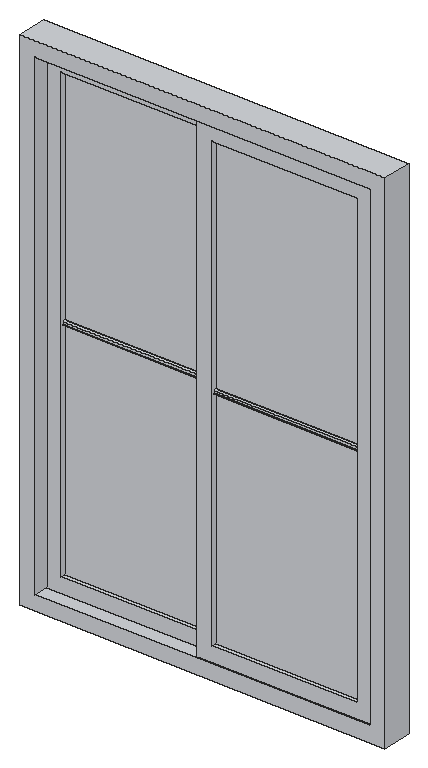
Revit family "雙開落地窗- (2)", category 窗, Revit 2014
Parameters (values of type "150 x 210 cm")
  Height = 2100 mm
  預設窗台高度 = 0 mm
  關鍵註記 = "雙開落地門-含護桿"
  解析營造 = "<無>"
  Rough Height = Height  # 2100 mm
  Rough Width = Width  # 1500 mm
  熱阻 (R) = 0.0000 (m²·K)/W
  Solar Heat Gain Coefficient = 0
  外框_寬度 = 60 mm
  玻璃_材料 = none
  牆封閉 = 依主體
  外框_材料 = none
  外框_厚度 = 120 mm
  Width = 1500 mm
  操作 = "DoublePanelVertical"
  Visual Light Transmittance = 0
  內框_材料 = none
  內框_寬度 = 60 mm
  內框_厚度 = 50 mm
  傳熱係數 (U) = 0.0000 W/(m²·K)
Types (2, lengths in mm): name | 解析營造 | Rough Width | 熱阻 (R) | Solar Heat Gain Coefficient | Width | Visual Light Transmittance | 傳熱係數 (U)
  150 x 210 cm | "<無>" | 1500 | 0.0000 (m²·K)/W | 0 | 1500 | 0 | 0.0000 W/(m²·K)
  180 x 210 cm | "1/8 英吋 Pilkington 單層鑲嵌玻璃" | 1800 | 0.1491 (m²·K)/W | 0.86 | 1800 | 0.9 | 6.7069 W/(m²·K)
Reference planes
  plane 1: y = -180
  plane 2 "中心 (左/右)": x = 0
  plane 3 "左": x = -750
  plane 4 "右": x = 750
  plane 5 "窗台": z = 0
  plane 6 "窗頂": z = 2100
  plane 7 "外部": y = -105
  plane 8 "內部": y = -255
  plane 9: x = -30
  plane 10: x = 30
  plane 11: y = -120
  plane 12: y = -240
  plane 13: x = -690
  plane 14: x = 690
  plane 15: z = 2040
  plane 16: z = 60
Forms (mm)
  Extrusion 1, solid, material <- "外框_材料"
    sketch origin (0, -180, 0) x (1, 0, 0) y (0, 0, 1)
      loop
        line (-750, 2100) -> (-750, 0) -> (750, 0) -> (750, 2100) -> (-750, 2100)
      loop
        line (-690, 2040) -> (-690, 60) -> (690, 60) -> (690, 2040) -> (-690, 2040)
    from 60 to -60
Lines and regions (mm)
  Opening 1
    outline origin (3442.648, -255, 0) x (1, 0, 0) y (0, 0, 1)
      loop
        line (-2692.648, 0) -> (-2692.648, 2100) -> (-4192.648, 2100) -> (-4192.648, 0) -> (-2692.648, 0)
Text (mm)
  text "外部" at (-1963.203, 1332.353, 0), in view "參考樓層"
  text "內部" at (-1981.466, -818.386, 0), in view "參考樓層"
  text "外部" at (0, 923.751, 2943.296), in view "右"
  text "外部" at (0, 1040.484, 2685.409), in view "左"
Dimensions and locks
  equal spacing: plane 3 "左", plane 2 "中心 (左/右)", plane 4 "右"
  "Width": plane 3 "左" to plane 4 "右"
  "Height": plane 5 "窗台" to plane 6 "窗頂"
  "預設窗台高度": plane 5 "窗台" to level
  locked: plane 7 "外部" to host wall at 0
  locked: plane 8 "內部" to host wall
  equal spacing: plane 9, plane 2 "中心 (左/右)", plane 10
  "內框_寬度": plane 9 to plane 10
  equal spacing: plane 11, plane 1, plane 12
  "外框_厚度": plane 11 to plane 12
  "外框_寬度": plane 6 "窗頂" to plane 15
  "外框_寬度": plane 16 to plane 5 "窗台"
  "外框_寬度": plane 3 "左" to plane 13
  "外框_寬度": plane 14 to plane 4 "右"
  aligned and locked: plane 1 to host wall
  aligned and locked: host wall to Extrusion 1 sketch curve
  aligned and locked: Extrusion 1 sketch curve to host wall  (x3)
  aligned and locked: Opening 1 sketch curve to plane 6 "窗頂"
  aligned and locked: Opening 1 sketch curve to plane 4 "右"
  aligned and locked: Opening 1 sketch curve to plane 5 "窗台"
  aligned and locked: Opening 1 sketch curve to plane 3 "左"
  aligned and locked: Extrusion 1 sketch curve to plane 15
  aligned and locked: plane 13 to Extrusion 1 sketch curve
  aligned and locked: Extrusion 1 sketch curve to plane 14
  aligned and locked: plane 16 to Extrusion 1 sketch curve
  aligned and locked: plane 15 to nested 2
  aligned and locked: nested 1 to plane 15
  aligned and locked: plane 11 to Extrusion 1
  aligned and locked: Extrusion 1 to plane 12
  aligned and locked: plane 14 to nested 2
  aligned and locked: plane 9 to nested 2
  aligned and locked: nested 1 to plane 10
  aligned and locked: nested 1 to plane 13
  aligned and locked: plane 1 to nested 1
  aligned and locked: plane 1 to nested 2
  aligned and locked: nested 1 to plane 16
  aligned and locked: plane 16 to nested 2
Nested families
  nested 1: "窗框-一" at (-597.428, -1289.367, -940), type "窗框"
    with Height 1980 mm, Width 720 mm
  nested 2: "窗框-一" at (62.572, 929.367, -940), type "窗框"
    with Height 1980 mm, Width 720 mm
Definition of nested family "窗框-一"
  Parameters
    Height [instance] = 500 mm
    護桿_寬度 = 20 mm
    護桿_厚度 = 10 mm
    Rough Height = 500 mm
    Rough Width = 600 mm
    Width [instance] = 600 mm
    外框_材料 = none
    玻璃_材料 = none
    玻璃_厚度 = 10 mm
    外框_寬度 = 60 mm
    外框_厚度 = 50 mm
  Reference planes
    plane 1 "中心 (前/後)": y = -1109.367
    plane 2: z = 0
    plane 3 "中心 (左/右)": x = 267.428
    plane 4 "玻璃-上": y = -1129.367
    plane 5 "玻璃-下": y = -1139.367
    plane 6: y = -1159.367
    plane 7: y = -1134.367
    plane 8: x = -32.572
    plane 9: x = 567.428
    plane 10: x = 27.428
    plane 11: x = 507.428
    plane 12: z = 1440
    plane 13: z = 1500
    plane 14: z = 1060
    plane 15: z = 1000
  Forms (mm)
    Extrusion 1, solid, material <- "玻璃_材料"
      sketch origin (3375.016, -1134.367, 1200) x (1, 0, 0) y (0, 0, 1)
        loop
          line (-3347.588, 240) -> (-3347.588, -140) -> (-2867.588, -140) -> (-2867.588, 240) -> (-3347.588, 240)
      from -5 to 5
    Extrusion 2, solid
      sketch origin (3375.016, -1134.367, 1200) x (1, 0, 0) y (0, 0, 1)
        loop
          line (-3407.588, 300) -> (-3407.588, -200) -> (-2807.588, -200) -> (-2807.588, 300) -> (-3407.588, 300)
        loop
          line (-3347.588, 240) -> (-3347.588, -140) -> (-2867.588, -140) -> (-2867.588, 240) -> (-3347.588, 240)
      from -25 to 25
  Dimensions and locks
    equal spacing: plane 11, plane 3 "中心 (左/右)", plane 10
    "外框_寬度": plane 9 to plane 11
    "外框_寬度": plane 10 to plane 8
    "Width": plane 9 to plane 8
    "外框_寬度": plane 13 to plane 12
    "外框_寬度": plane 14 to plane 15
    "Height": plane 13 to plane 15
    locked: plane 15 to level at 1000
    equal spacing: plane 4 "玻璃-上", plane 7, plane 5 "玻璃-下"
    equal spacing: plane 1 "中心 (前/後)", plane 7, plane 6
    "玻璃_厚度": plane 4 "玻璃-上" to plane 5 "玻璃-下"
    "外框_厚度": plane 1 "中心 (前/後)" to plane 6
    aligned and locked: Extrusion 1 sketch curve to plane 12
    aligned and locked: plane 10 to Extrusion 1 sketch curve
    aligned and locked: Extrusion 1 sketch curve to plane 11
    aligned and locked: plane 14 to Extrusion 1 sketch curve
    aligned and locked: nested 2 to plane 5 "玻璃-下"
    aligned and locked: nested 1 to plane 4 "玻璃-上"
    aligned and locked: plane 11 to nested 2
    aligned and locked: nested 1 to plane 11
    aligned and locked: plane 10 to nested 2
    aligned and locked: nested 1 to plane 10
    aligned and locked: plane 14 to nested 2
    aligned and locked: nested 1 to plane 14
    aligned and locked: plane 12 to nested 2
    aligned and locked: nested 1 to plane 12
    aligned and locked: plane 8 to Extrusion 2 sketch curve
    aligned and locked: Extrusion 2 sketch curve to plane 13
    aligned and locked: Extrusion 2 sketch curve to plane 9
    aligned and locked: Extrusion 2 sketch curve to plane 12
    aligned and locked: plane 10 to Extrusion 2 sketch curve
    aligned and locked: Extrusion 2 sketch curve to plane 11
    aligned and locked: plane 14 to Extrusion 2 sketch curve
    aligned and locked: level to plane 2
    aligned and locked: plane 15 to Extrusion 2 sketch curve
    aligned and locked: plane 5 "玻璃-下" to Extrusion 1
    aligned and locked: plane 4 "玻璃-上" to Extrusion 1
    aligned and locked: plane 1 "中心 (前/後)" to Extrusion 2
    aligned and locked: plane 6 to Extrusion 2
  Nested families
    nested 1: "一" at (55.974, -1102.899, 548.762), type "一"
      with Height 380 mm, Width 480 mm
    nested 2: "一" at (55.974, -1165.835, 548.762), type "一"
      with Height 380 mm, Width 480 mm
  Definition of nested family "一"
    Parameters
      Height [instance] = 600 mm
      厚度 = 10 mm
      物件寬 = 20 mm
      材料 = none
      Width [instance] = 400 mm
    Reference planes
      plane 1 "中心 (前/後)": y = 26.468
      plane 2: z = 0
      plane 3 "中心 (左/右)": x = 211.453
      plane 4: z = 701.238
      plane 5: z = 1001.238
      plane 6: z = 401.238
      plane 7: x = 11.453
      plane 8: x = 411.453
      plane 9: z = 701.238
    Forms (mm)
      Sweep 1, solid, material <- "材料"
        path origin (4267.2, -415.002, 701.238) x (0, -1, 0) y (1, 0, 0)
          loop
            line (-441.47, -3855.747) -> (-441.47, -4255.747)
        profile "版飾條輪廓 06 : 版飾條輪廓 06" origin (211.453, 26.468, 701.238) x (0, -1, 0) y (0, 0, 1)
          loop
            line (0, 10) -> (0, -10) -> (5, -10)
            arc (5, -10) -> (8.536, -8.536) -> (10, -5) r 5
            line (10, -5) -> (10, 5)
            arc (10, 5) -> (8.536, 8.536) -> (5, 10) r 5
            line (5, 10) -> (0, 10)
    Dimensions and locks
      equal spacing: plane 5, plane 4, plane 6
      "Height": plane 5 to plane 6
      equal spacing: plane 8, plane 3 "中心 (左/右)", plane 7
      "Width": plane 8 to plane 7
      aligned and locked: plane 8 to Sweep 1 sketch curve
      aligned and locked: plane 7 to Sweep 1 sketch curve
      aligned and locked: plane 4 to plane 9
    Automatic sketch dimensions
      Sweep 1 sketch curve to plane 1 "中心 (前/後)" = 0 mm
